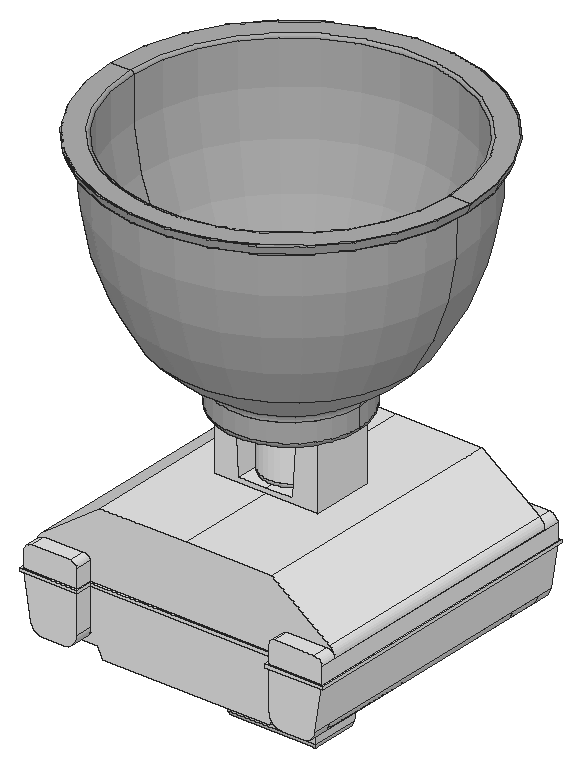
Revit family "CH-EU-OU", category Lighting Fixtures, host Face, Revit 2012
Parameters (values of type "CH EU/ CH OU")
  Wattage Comments = "250W/ 320W/ 350W/ 400W/ 450W/ 750W"
  Wattage = 750 W
  built-in parameter 1150110 = 1 (stored number, unit not read)
  built-in parameter 1114217 = 1 (stored number, unit not read)
  Tilt Angle = 0.00°
  built-in parameter 1150109 = 1 (stored number, unit not read)
  built-in parameter 1150134 = (empty or 0)
  built-in parameter 1150113 = 1 (stored number, unit not read)
  Photometric Web File = "HP06163.IES"
  built-in parameter 1150142 = "IESNA:LM-63-1995\r\n[TEST] HP-06163(Pos.3)\r\n[MANUFAC] HUBBELL LIGHTING, INC. PHOTOMETRIC REPORT\r\n[LUMCAT] CH40H-x-x-OU    \r\n[LUMINAIRE] TRIBAY - SUPERBAY 2.0 - OU SERIES (SOCKET AT PILLAR 3)                  \r\n[MORE] INDUSTRIAL HID, 400 WATT METAL HALIDE, 18.75\" DIA. OPEN AL. REFL.\r\n[LAMPCAT] MVR-400/U   \r\n[LAMP] 400 WATT CLEAR METAL HALIDE                              \r\n[SEARCH] INDUSTRIAL INDOOR HIGHBAY HALIDE HID  \r\nTILT=NONE\r\n1 36000 1 37 1 1 1 -1.563 0 0 \r\n1 1 460 \r\n0 5 10 15 20 25 30 35 40 45 \r\n50 55 60 65 70 75 80 85 90 95 \r\n100 105 110 115 120 125 130 135 140 145 \r\n150 155 160 165 170 175 180 \r\n0 \r\n11998 10176 9359 9907 11676 12286 11723 12036 13800 13210 \r\n7449 2530 1258 610 254 103 47 29 25 25 \r\n31 39 36 33 30 27 26 22 19 19 \r\n24 35 118 104 19 13 0 \r\n\u001a"
  built-in parameter 1150105 = 8865.4 (stored number, unit not read)
  Lumens = 111406.5 lm
  built-in parameter 1150115 = 1 (stored number, unit not read)
  built-in parameter 1150137 = (empty or 0)
  built-in parameter 1150139 = (empty or 0)
  built-in parameter 1150112 = 1 (stored number, unit not read)
  built-in parameter 1150114 = 1 (stored number, unit not read)
  built-in parameter 1150132 = (empty or 0)
  built-in parameter 1150102 = (empty or 0)
  built-in parameter 1150107 = 3500 (stored number, unit not read)
  built-in parameter 1150138 = (empty or 0)
  built-in parameter 1150106 = 88.654 (stored number, unit not read)
  Emit from Line Length = 10"
  built-in parameter 1150104 = 13.8 (stored number, unit not read)
  Dimming Lamp Color Temperature Shift = (empty or 0)
  Color Filter = 16777215
  built-in parameter 1114218 = 1 (stored number, unit not read)
  Ballast = White
  URL = "http://www.hubbellindustrial.com/"
  Product Page URL = "http://www.hubbellindustrial.com/products/tribay_ch_eu_ou/"
  Product Documentation Link = "http://www.hubbellindustrial.com/content/products/specs/specs_files/tribayeu_ou.pdf"
  Model = "CH EU/CH OU"  # constant formula
  Manufacturer Phone = "864-678-1000"  # constant formula
  Manufacturer Fax = "864-678-1065"  # constant formula
  Manufacturer = "Devine Lighting"  # constant formula
  Lamp = "1"
  Reflector = Aluminium
  Description = "Low to medium mounting heights."  # constant formula
  Default Elevation = 48"
  built-in parameter 1150133 = 10 (stored number, unit not read)
Reference planes (in)
  plane 1 "Center (Front/Back)": y = 0
  plane 2: z = 0
  plane 3 "Center (Left/Right)": x = 0
  plane 4: z = 27.875
  plane 5: x = -9.5
  plane 6: x = 9.5
  plane 7: z = 15
  plane 8: y = 7.75
  plane 9: y = -7.75
  plane 10: z = 4.5312896
  plane 11: z = 7.9383583
Forms (in)
  Revolve 1, solid, material "Aluminium" <- "Reflector"
    sketch origin (0, 0, 0) x (1, 0, 0) y (0, 0, 1)
      loop
        line (-3.6180642, 16.25) -> (-3.6180642, 15.25)
        arc (-3.6180642, 15.25) -> (-3.5448409, 15.0732233) -> (-3.3680642, 15) r 0.25
        line (-3.3680642, 15) -> (-3.1180642, 15) -> (-3.1180642, 16.6911602)
        arc (-3.1180642, 16.6911602) -> (-3.1542305, 16.8206791) -> (-3.2522654, 16.9127243) r 0.25
        arc (-3.2522654, 16.9127243) -> (-4.71925, 17.8526298) -> (-5.9984901, 19.0354277) r 9.8877365
        arc (-5.9984901, 19.0354277) -> (-7.8912617, 23.1748622) -> (-8.2845842, 27.7094846) r 13.3605133
        arc (-8.2845842, 27.7094846) -> (-8.3242671, 27.8256382) -> (-8.4366495, 27.875) r 0.1526118
        line (-8.4366495, 27.875) -> (-9.4580895, 27.875)
        arc (-9.4580895, 27.875) -> (-9.4821284, 27.8624861) -> (-9.4856657, 27.835617) r 0.0293461
        line (-9.4856657, 27.835617) -> (-9.3189018, 27.3774368)
        arc (-9.3189018, 27.3774368) -> (-9.3064153, 27.3611641) -> (-9.2868534, 27.3549963) r 0.0341052
        line (-9.2868534, 27.3549963) -> (-8.8107341, 27.3549963)
        arc (-8.8107341, 27.3549963) -> (-8.3181085, 22.8391139) -> (-6.3919038, 18.7250394) r 13.8605133
        arc (-6.3919038, 18.7250394) -> (-5.2095256, 17.6030043) -> (-3.8661794, 16.6797481) r 10.3877365
        arc (-3.8661794, 16.6797481) -> (-3.6845465, 16.4981152) -> (-3.6180642, 16.25) r 0.4962304
      axis (0, 27.875) -> (0, 15)
    angle from 0 to 360
  Extrusion 2, solid, material "White" <- "Ballast"
    sketch origin (0, 0, 0) x (1, 0, 0) y (0, 0, 1)
      loop
        line (-4.5188656, 11.6012045) -> (-7.5766323, 9.379607)
        arc (-7.5766323, 9.379607) -> (-7.7702627, 9.1528949) -> (-7.8398635, 8.8629867) r 0.6385778
        line (-7.8398635, 8.8629867) -> (-7.8398635, 7.9383583) -> (-7.4693397, 5.5989631)
        arc (-7.4693397, 5.5989631) -> (-7.2756957, 5.2375472) -> (-6.8995475, 5.0743542) r 0.6239494
        line (-6.8995475, 5.0743542) -> (-4.6495475, 5.0743542) -> (-4.3963123, 4.5312896) -> (4.3963123, 4.5312896) -> (4.6495475, 5.0743542) -> (6.8995475, 5.0743542)
        arc (6.8995475, 5.0743542) -> (7.2756957, 5.2375472) -> (7.4693397, 5.5989631) r 0.6239494
        line (7.4693397, 5.5989631) -> (7.8398635, 7.9383583) -> (7.8398635, 8.8629867)
        arc (7.8398635, 8.8629867) -> (7.7702627, 9.1528949) -> (7.5766323, 9.379607) r 0.6385778
        line (7.5766323, 9.379607) -> (4.5188656, 11.6012045) -> (0, 11.6012045) -> (-4.5188656, 11.6012045)
    from -6.8968561 to 6.8968561
  Extrusion 3, solid, material "White" <- "Ballast"
    sketch origin (0, 0, 0) x (1, 0, 0) y (0, 0, 1)
      loop
        line (-7.8398635, 8.8339804) -> (-7.8398635, 7.9383583) -> (-7.4693397, 5.5989631)
        arc (-7.4693397, 5.5989631) -> (-7.2756957, 5.2375472) -> (-6.8995475, 5.0743542) r 0.6239494
        line (-6.8995475, 5.0743542) -> (-5.7745475, 5.0743542)
        arc (-5.7745475, 5.0743542) -> (-5.2731338, 5.2820465) -> (-5.0654415, 5.7834601) r 0.709106
        line (-5.0654415, 5.7834601) -> (-5.0654415, 8.9366176)
        arc (-5.0654415, 8.9366176) -> (-5.1539194, 9.1502223) -> (-5.367524, 9.2387002) r 0.3020826
        line (-5.367524, 9.2387002) -> (-7.4351437, 9.2387002)
        arc (-7.4351437, 9.2387002) -> (-7.7213238, 9.1201605) -> (-7.8398635, 8.8339804) r 0.4047198
      loop
        arc (7.8398635, 8.8339804) -> (7.7213238, 9.1201605) -> (7.4351437, 9.2387002) r 0.4047198
        line (7.4351437, 9.2387002) -> (5.367524, 9.2387002)
        arc (5.367524, 9.2387002) -> (5.1539194, 9.1502223) -> (5.0654415, 8.9366176) r 0.3020826
        line (5.0654415, 8.9366176) -> (5.0654415, 5.7834601)
        arc (5.0654415, 5.7834601) -> (5.2731338, 5.2820465) -> (5.7745475, 5.0743542) r 0.709106
        line (5.7745475, 5.0743542) -> (6.8995475, 5.0743542)
        arc (6.8995475, 5.0743542) -> (7.2756957, 5.2375472) -> (7.4693397, 5.5989631) r 0.6239494
        line (7.4693397, 5.5989631) -> (7.8398635, 7.9383583) -> (7.8398635, 8.8339804)
    from -7.75 to 7.75
  Extrusion 4, solid, material "White" <- "Ballast"
    sketch origin (0, 0, 0) x (1, 0, 0) y (0, 0, 1)
      loop
        line (-2.7041817, 16.75) -> (-2.7041817, 11.5) -> (0, 11.5) -> (2.7041817, 11.5) -> (2.7041817, 16.75) -> (1.7048528, 16.75) -> (1.4247683, 11.8703933) -> (0, 11.8703933) -> (-1.4247683, 11.8703933) -> (-1.7182907, 16.75) -> (-2.7041817, 16.75)
    from -1.6166898 to 1.6166898
  Extrusion 5, solid, material "White" <- "Ballast"
    sketch origin (0, 0, 0) x (1, 0, 0) y (0, 0, 1)
      loop
        line (-2.6642615, 3.5312896) -> (-2.3225606, 0.363613)
        arc (-2.3225606, 0.363613) -> (-2.1897341, 0.1042433) -> (-1.9176149, 0) r 0.4072949
        line (-1.9176149, 0) -> (0, 0) -> (1.9176149, 0)
        arc (1.9176149, 0) -> (2.1897341, 0.1042433) -> (2.3225606, 0.363613) r 0.4072949
        line (2.3225606, 0.363613) -> (2.6642615, 3.5312896) -> (4.3963123, 3.5312896) -> (4.3963123, 4.5312896) -> (0, 4.5312896) -> (-4.3963123, 4.5312896) -> (-4.3963123, 3.5312896) -> (-2.6642615, 3.5312896)
    from -3.3088204 to 3.3088204
  Sweep 6, void
    path origin (-4.3963123, -180, 4.5312896) x (-1, 0, 0) y (0, -1, 0)
      loop
        line (-1.6921306, -181.6166898) -> (-1.6921306, -178.3833102) -> (-7.100494, -178.3833102) -> (-7.100494, -181.6166898) -> (-1.6921306, -181.6166898)
    profile origin (-2.7041817, 0, 4.5312896) x (1, 0, 0) y (0, 0, 1)
      loop
        line (0.0399202, -1) -> (-1.6921306, 0) -> (-1.6921306, -4.5312896) -> (0.7865668, -4.5312896)
        arc (0.7865668, -4.5312896) -> (0.5144476, -4.4270463) -> (0.3816211, -4.1676766) r 0.4072949
        line (0.3816211, -4.1676766) -> (0.0399202, -1)
  Sweep 7, solid, material "White" <- "Ballast"
    path origin (7.8398635, -180, 7.9383583) x (-1, 0, 0) y (0, -1, 0)
      loop
        line (15.679727, -187.75) -> (15.679727, -172.25) -> (12.905305, -172.25) -> (12.905305, -173.1031439) -> (2.774422, -173.1031439) -> (2.774422, -172.25) -> (0, -172.25) -> (0, -187.75) -> (2.774422, -187.75) -> (2.774422, -186.8968561) -> (12.905305, -186.8968561) -> (12.905305, -187.75) -> (15.679727, -187.75)
    profile origin (-7.8398635, 0, 7.9383583) x (1, 0, 0) y (0, 0, 1)
      loop
        line (0, 0.0733514) -> (-0.1168064, 0.0733514) -> (-0.1168064, -0.0765545) -> (0.012125, -0.0765545) -> (0, 0) -> (0, 0.0733514)
  Revolve 8, solid, material "White" <- "Ballast"
    sketch origin (0, 0, -1.6296067) x (1, 0, 0) y (0, 0, 1)
      loop
        line (0, 13.5) -> (1.1711015, 13.5)
        arc (1.1711015, 13.5) -> (1.3618001, 13.57899) -> (1.4407901, 13.7696886) r 0.2696886
        line (1.4407901, 13.7696886) -> (1.4407901, 15.5) -> (1.3392276, 15.5) -> (1.3392276, 13.7910783)
        arc (1.3392276, 13.7910783) -> (1.2899846, 13.6721952) -> (1.1711015, 13.6229522) r 0.1681261
        line (1.1711015, 13.6229522) -> (0, 13.6229522) -> (0, 13.5)
      axis (0, 15.5) -> (0, 13.5)
    angle from 0 to 360
Cuts and joins
  Sweep 6 cuts Extrusion 5
Dimensions and locks (in)
  locked: plane 4 to plane 2 at 27.875
  locked: plane 5 to plane 3 "Center (Left/Right)" at 9.5
  locked: plane 6 to plane 3 "Center (Left/Right)" at 9.5
  plane 2 to plane 7 to plane 4 = 15" locked, 12 7/8" locked
  Revolve 1 sketch curve to Revolve 1 sketch curve to Revolve 1 sketch curve = 12.355" locked, 0.52" locked
  locked: plane 8 to plane 1 "Center (Front/Back)" at 7.75
  locked: plane 9 to plane 1 "Center (Front/Back)" at 7.75
  locked: plane 10 to host face at 4.5312896
  equal spacing: Extrusion 2, plane 1 "Center (Front/Back)", Extrusion 2, locked at 6.8968561 each
  aligned and locked: plane 2 to host face
  aligned and locked: level to host face
  aligned and locked: Revolve 1 sketch curve to plane 3 "Center (Left/Right)"
  aligned and locked: Revolve 1 sketch curve to plane 4
  aligned and locked: Extrusion 2 to Extrusion 3 sketch curve
  aligned and locked: Extrusion 3 sketch curve to Extrusion 2  (x3)
  aligned and locked: Revolve 1 to plane 7
  aligned and locked: Extrusion 3 to plane 8
  aligned and locked: Extrusion 3 to plane 9
  aligned and locked: Extrusion 2 sketch curve to plane 10
  aligned and locked: Sweep 6 sketch curve to Extrusion 4  (x4)
  aligned and locked: Sweep 6 sketch curve to Extrusion 5  (x2)
  aligned and locked: Extrusion 4 sketch curve to Extrusion 4 sketch curve
  aligned and locked: Sweep 6 to Extrusion 5
  aligned and locked: Extrusion 5 to Sweep 6
  aligned and locked: plane 11 to Extrusion 2
  aligned and locked: Extrusion 2 to Sweep 7 sketch curve  (x2)
  aligned and locked: Sweep 7 sketch curve to plane 9  (x2)
  aligned and locked: Sweep 7 sketch curve to plane 8  (x2)
  aligned and locked: imposter light to plane 1 "Center (Front/Back)"
  aligned and locked: plane 3 "Center (Left/Right)" to Revolve 8 sketch curve
  aligned and locked: Revolve 8 sketch curve to plane 3 "Center (Left/Right)"
  aligned and locked: Revolve 8 sketch curve to Extrusion 4
Automatic sketch dimensions
  host sketch curve to host sketch curve = 96"  (x2)
  Extrusion 2 sketch curve to plane 3 "Center (Left/Right)" = 0"
  Extrusion 2 sketch curve to plane 3 "Center (Left/Right)" = 4.39631"
  Extrusion 2 sketch curve to Extrusion 2 sketch curve = 4.51887"
  Extrusion 2 sketch curve to Extrusion 2 sketch curve = 0.25324"  (x2)
  Extrusion 2 sketch curve to Extrusion 2 sketch curve = 2.20352"  (x2)
  Extrusion 2 sketch curve to Extrusion 2 sketch curve = 0.04648"  (x2)
  plane 5 to Extrusion 2 sketch curve = 2.29871"
  Extrusion 2 sketch curve to Extrusion 2 sketch curve = 0.61627"  (x2)
  Extrusion 2 sketch curve to Extrusion 2 sketch curve = 0.37535"  (x2)
  Extrusion 2 sketch curve to Extrusion 2 sketch curve = 0.63858"
  plane 3 "Center (Left/Right)" to Extrusion 2 sketch curve = 4.39631"
  plane 3 "Center (Left/Right)" to Extrusion 2 sketch curve = 4.51887"
  plane 6 to Extrusion 2 sketch curve = 2.29871"
  plane 10 to Extrusion 2 sketch curve = 1.06767"
  Extrusion 2 sketch curve to Extrusion 2 sketch curve = 0.26323"
  plane 10 to Extrusion 2 sketch curve = 0.54306"  (x2)
  Extrusion 2 sketch curve to Extrusion 2 sketch curve = 0.52461"
  Extrusion 2 sketch curve to Extrusion 2 sketch curve = 2.3394"  (x2)
  Extrusion 2 sketch curve to Extrusion 2 sketch curve = 0.92463"  (x2)
  Extrusion 2 sketch curve to plane 7 = 3.3988"
  Extrusion 3 sketch curve to Extrusion 3 sketch curve = 0.61627"  (x2)
  Extrusion 3 sketch curve to Extrusion 3 sketch curve = 0.40472"  (x2)
  Extrusion 3 sketch curve to Extrusion 3 sketch curve = 1.07852"  (x2)
  Extrusion 3 sketch curve to Extrusion 3 sketch curve = 2.06762"
  Extrusion 3 sketch curve to Extrusion 3 sketch curve = 0.70911"  (x2)
  plane 6 to Extrusion 3 sketch curve = 4.43456"
  Extrusion 3 sketch curve to Extrusion 3 sketch curve = 0.30208"
  plane 10 to Extrusion 3 sketch curve = 0.54306"
  Extrusion 3 sketch curve to Extrusion 3 sketch curve = 0.04648"
  plane 6 to Extrusion 3 sketch curve = 2.06486"
  plane 10 to Extrusion 3 sketch curve = 1.06767"
  Extrusion 3 sketch curve to Extrusion 3 sketch curve = 2.3394"
  Extrusion 3 sketch curve to Extrusion 3 sketch curve = 0.89562"  (x2)
  Extrusion 5 sketch curve to plane 10 = 0"
  Extrusion 5 sketch curve to level = 0"
  Extrusion 5 sketch curve to plane 3 "Center (Left/Right)" = 0"  (x2)
  Extrusion 5 sketch curve to Extrusion 5 sketch curve = 1.91761"
  level to Extrusion 5 sketch curve = 0.36361"  (x2)
  Extrusion 5 sketch curve to Extrusion 5 sketch curve = 0.40495"  (x2)
  Extrusion 5 sketch curve to plane 10 = 1"  (x2)
  Extrusion 5 sketch curve to plane 3 "Center (Left/Right)" = 2.66426"
  Extrusion 5 sketch curve to Extrusion 5 sketch curve = 1.73205"  (x2)
  plane 3 "Center (Left/Right)" to Extrusion 5 sketch curve = 1.91761"
  plane 3 "Center (Left/Right)" to Extrusion 5 sketch curve = 2.66426"
  Sweep 6 sketch curve to plane 10 = 0"
  Sweep 6 sketch curve to profile plane = 0.38162"
  Sweep 6 sketch curve to profile plane = 0.03992"
  profile plane to Sweep 6 sketch curve = 1.69213"
  Extrusion 4 sketch curve to plane 3 "Center (Left/Right)" = 0"  (x2)
  Extrusion 4 sketch curve to Extrusion 4 sketch curve = 1.42477"
  Extrusion 4 sketch curve to plane 3 "Center (Left/Right)" = 1.71829"
  Extrusion 4 sketch curve to Extrusion 4 sketch curve = 0.98589"
  plane 3 "Center (Left/Right)" to Extrusion 4 sketch curve = 1.42477"
  plane 3 "Center (Left/Right)" to Extrusion 4 sketch curve = 1.70485"
  Extrusion 4 sketch curve to Extrusion 4 sketch curve = 0.99933"
  Extrusion 4 sketch curve to plane 7 = 3 1/2"
  Extrusion 4 sketch curve to Extrusion 4 sketch curve = 0.37039"
  plane 7 to Extrusion 4 sketch curve = 1 3/4"
  plane 6 to Sweep 7 sketch curve = 1 169/256"
  Sweep 7 sketch curve to Sweep 7 sketch curve = 2.77442"  (x2)
  plane 5 to Sweep 7 sketch curve = 4.43456"  (x2)
  plane 5 to Sweep 7 sketch curve = 1 169/256"
  profile plane to Sweep 7 sketch curve = 0"
  Sweep 7 sketch curve to plane 11 = 0"
  profile plane to Sweep 7 sketch curve = 0.11681"
  Sweep 7 sketch curve to profile plane = 0.01213"
  Sweep 7 sketch curve to plane 11 = 0.07655"
  plane 11 to Sweep 7 sketch curve = 0.07335"
  Revolve 1 sketch curve to Revolve 1 sketch curve = 0"  (x7)
  Revolve 1 sketch curve to plane 3 "Center (Left/Right)" = 3.11806"
  Revolve 1 sketch curve to Revolve 1 sketch curve = 0.1342"
  Revolve 1 sketch curve to Revolve 1 sketch curve = 1/4"  (x3)
  Revolve 1 sketch curve to Revolve 1 sketch curve = 0.24812"
  Revolve 1 sketch curve to Revolve 1 sketch curve = 0.49623"
  Revolve 1 sketch curve to Revolve 1 sketch curve = 2.13231"
  Revolve 1 sketch curve to Revolve 1 sketch curve = 0.39341"
  Revolve 1 sketch curve to plane 4 = 0.16552"
  plane 5 to Revolve 1 sketch curve = 1.21542"
  Revolve 1 sketch curve to Revolve 1 sketch curve = 0.15207"
  Revolve 1 sketch curve to Revolve 1 sketch curve = 0.37408"
  plane 5 to Revolve 1 sketch curve = 0.21315"
  Revolve 1 sketch curve to Revolve 1 sketch curve = 0.03205"
  plane 5 to Revolve 1 sketch curve = 0.04191"
  plane 5 to Revolve 1 sketch curve = 0.01433"
  plane 3 "Center (Left/Right)" to Revolve 1 sketch curve = 1.32769"
  Revolve 1 sketch curve to level = 23.63999"
  Revolve 1 sketch curve to Revolve 1 sketch curve = 0.02244"
  Revolve 1 sketch curve to plane 4 = 0.03938"
  plane 4 to Revolve 1 sketch curve = 75.20383"
  Revolve 8 sketch curve to Revolve 8 sketch curve = 1.1711"
  Revolve 8 sketch curve to Revolve 8 sketch curve = 0"
  plane 3 "Center (Left/Right)" to Revolve 8 sketch curve = 1.33923"
  Revolve 8 sketch curve to Revolve 8 sketch curve = 13/128"
  Revolve 8 sketch curve to level = 25.2696"
  Revolve 8 sketch curve to Revolve 8 sketch curve = 0.12295"
  Revolve 8 sketch curve to plane 7 = 1.12961"
  plane 4 to Revolve 8 sketch curve = 73 147/256"
Connectors (in)
  electrical at (0, 0, 0), driven by "Description"
    settings: index 1, voltage 0 V, apparent load 0 VA, apparent load phase1 0 VA, apparent load phase2 0 VA, apparent load phase3 0 VA, power factor 1, load classification "Other", number of poles 1, system type 30, power factor state 1, is connector primary yes, connector utility no, sub classification motor no, connector description "Low to medium mounting heights."
Types in the file's own list only (41): name | Photometric Web File
  CH25Hxx-EU LU/LP: 1@20500 SC @2/@4: 1.3/1.4 | "HP06475.IES"
  CH25Hxx-EU LU/LP: 1@20500 SC @2/@4: 1.5/1.5 | "HP06470.IES"
  CH25Hxx-EU LU/LP: 1@20500 SC @2/@4: 1.9/1.6 | "HP06467.IES"
  CH25Hxx-EU LU/LP: 1@20500 SC @2/@4: 2.1/1.7 | "HP06474.IES"
  CH25Hxx-EU LU/LP: 1@20500 SC @2/@4: 2.2/1.8 | "HP06471.IES"
  CH25Hxx-OU/ENC LU/LP: 1@20500 SC @2/@4: 1.4/1.4 | "HP06479.IES"
  CH25Hxx-OU/ENC LU/LP: 1@20500 SC @2/@4: 1.6/1.5 | "HP06477.IES"
  CH25Hxx-OU/ENC LU/LP: 1@20500 SC @2/@4: 2.0/1.7 | "HP06476.IES"
  CH25Hxx-OU/ENC LU/LP: 1@20500 SC @2/@4: 2.2/1.8 | "HP06478.IES"
  CH40Hxx-EU LU/LP: 1@36000 SC @2/@4: 1.1/1.2 | "HP06190.IES"
  CH40Hxx-EU LU/LP: 1@36000 SC @2/@4: 1.2/1.4 | "HP06381.IES"
  CH40Hxx-EU LU/LP: 1@36000 SC @2/@4: 1.5/1.5 | "HP06188.IES"
  CH40Hxx-EU LU/LP: 1@36000 SC @2/@4: 1.8/1.6 | "HP06189.IES"
  CH40Hxx-EU LU/LP: 1@36000 SC @2/@4: 2.0/1.7 | "HP06382.IES"
  CH40Hxx-EU LU/LP: 1@34200 SC @2/@4: 1.7/1.5 | "HP07312.IES"
  CH40Hxx-EU LU/LP: 1@34200 SC @2/@4: 1.9/1.7 | "HP07311.IES"
  CH40Hxx-OU LU/LP: 1@34200 SC @2/@4: 1.4/1.4 | "HP07310.IES"
  CH40Hxx-OU LU/LP: 1@34200 SC @2/@4: 1.7/1.6 | "HP07309.IES"
  CH40Hxx-OU LU/LP: 1@34200 SC @2/@4: 2.0/1.7 | "HP07308.IES"
  CH40Hxx-OU LU/LP: 1@36000 SC @2/@4: 1.2/1.3 | "HP06383.IES"
  CH40Hxx-OU LU/LP: 1@36000 SC @2/@4: 1.4/1.5 | "HP06164.IES"
  CH40Hxx-OU LU/LP: 1@36000 SC @2/@4: 1.7/1.6 | "HP06163.IES"
  CH40Hxx-OU LU/LP: 1@36000 SC @2/@4: 2.1/1.7 | "HP06384.IES"
  CH40Hxx-OU LU/LP: 1@36000 SC @2/@4: 2.2/1.8 | "HP06385.IES"
  CH40Sxx-EU LU/LP: 1@50000 SC @2/@4: 0.7/1.1 | "HP06379.IES"
  CH40Sxx-EU LU/LP: 1@50000 SC @2/@4: 1.0/1.3 | "HP06193.IES"
  CH40Sxx-EU LU/LP: 1@50000 SC @2/@4: 1.3/1.5 | "HP06191.IES"
  CH40Sxx-EU LU/LP: 1@50000 SC @2/@4: 1.7/1.6 | "HP06192.IES"
  CH40Sxx-EU LU/LP: 1@50000 SC @2/@4: 2.0/1.8 | "HP06380.IES"
  CH40Sxx-OU LU/LP: 1@50000 SC @2/@4: 0.8/1.2 | "HP06374.IES"
  CH40Sxx-OU LU/LP: 1@50000 SC @2/@4: 1.2/1.4 | "HP06167.IES"
  CH40Sxx-OU LU/LP: 1@50000 SC @2/@4: 1.6/1.6 | "HP06166.IES"
  CH40Sxx-OU LU/LP: 1@50000 SC @2/@4: 1.8/1.7 | "HP06165.IES"
  CH40Sxx-OU LU/LP: 1@50000 SC @2/@4: 2.1/1.9 | "HP06377.IES"
  CH4xHxx-EU-QSS LU/LP: 1@5000 SC @2/@4: 3.7/2.7/2 | "HP06996.IES"
  CH4xHxx-OU-QSS LU/LP: 1@5000 SC @2/@4: 3.8/2.7/2 | "HP06991.IES"
  CH75Wxx-EU LU/LP: 1@82000 SC @2/@4: 1.0/1.1 | "HP09272.IES"
  CH75Wxx-EU LU/LP: 1@82000 SC @2/@4: 1.2/1.2 | "HP09279.IES"
  CH75Wxx-EU LU/LP: 1@82000 SC @2/@4: 1.3/1.4 | "HP09271.IES"
  CH75Wxx-EU LU/LP: 1@82000 SC @2/@4: 1.5/1.5 | "HP09280.IES"
  CH75Wxx-EU LU/LP: 1@82000 SC @2/@4: 1.7/1.6 | "HP09281.IES"
